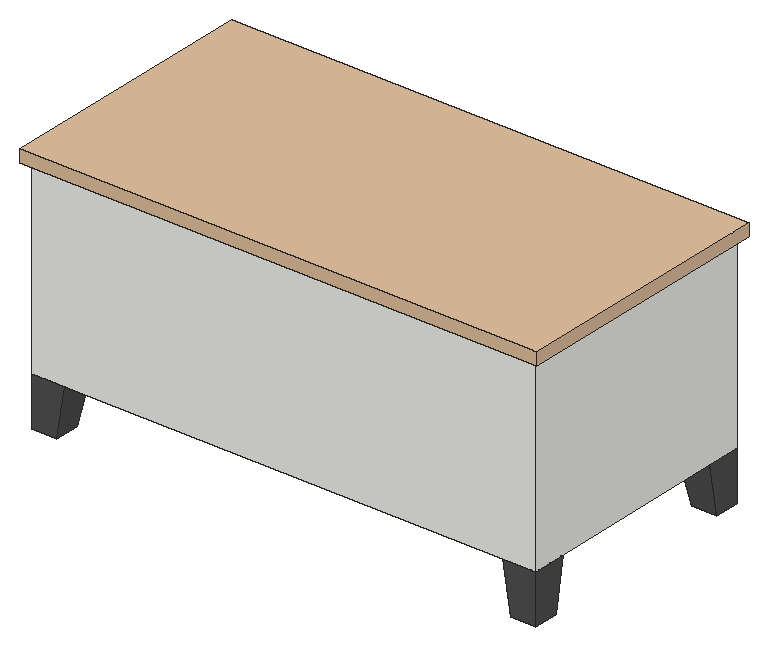
Revit family
Parameters (values of type "1525 x 760mm")
  Depth = 760.00 mm
  Body Material = Laminate - Ivory, Matte
  Handle/Leg Material = Metal - Chrome
  Top Material = Wood - Cherry
  Height = 760.00 mm
  Leg Height = 150.00 mm
  Width = 1525.00 mm
  Assembly Code = ""
Types (3, lengths in mm): name | Depth | Width
  1525 x 760mm | 760.00 | 1525.00
  1830 x 915mm | 915.00 | 1830.00
  1525 x 760mm Student | 760.00 | 1525.00
Reference planes
  plane 1: y = 0
  plane 2: z = 0
  plane 3: x = 0
  plane 4: z = 721.9
  plane 5: z = 150
  plane 6 "Desk Top": z = 760
  plane 7 "Right": x = 1525
  plane 8 "Front": y = 760
  plane 9: x = 762.5
  plane 10: y = 380
  plane 11: y = 772.7
  plane 12: x = 1321.8
  plane 13: x = 203.2
  plane 14: z = 304.8
  plane 15: z = 425.45
  plane 16: z = 546.1
  plane 17: z = 666.75
  plane 18: z = 546.1
  plane 19: z = 666.75
Forms (mm)
  Extrusion 1, solid, material "Laminate - Ivory, Matte" <- "Body Material"
    sketch origin (0, 0, 0) x (1, 0, 0) y (0, 1, 0)
      loop
        line (0, 760) -> (0, 0) -> (1525, 0) -> (1525, 760) -> (1118.6, 760) -> (1118.6, 50.8) -> (406.4, 50.8) -> (406.4, 760) -> (0, 760)
    from 150 to 721.9
  Extrusion 2, solid, material "Wood - Cherry" <- "Top Material"
    sketch origin (0, 0, 0) x (1, 0, 0) y (0, 1, 0)
      loop
        line (-19.05, 779.05) -> (-19.05, -19.05) -> (1544.05, -19.05) -> (1544.05, 779.05) -> (-19.05, 779.05)
    from 721.9 to 760
  Blend 3, solid, material "Metal - Chrome" <- "Handle/Leg Material"
    base sketch origin (0, 0, 0) x (1, 0, 0) y (0, 1, 0)
      loop
        line (0, 760) -> (0, 683.8) -> (76.2, 683.8) -> (76.2, 760) -> (0, 760)
    top sketch origin (0, 0, 0) x (1, 0, 0) y (0, 1, 0)
      loop
        line (0, 760) -> (0, 658.4) -> (101.6, 658.4) -> (101.6, 760) -> (0, 760)
    from 0 to 150
  Blend 4, solid, material "Metal - Chrome" <- "Handle/Leg Material"
    base sketch origin (0, 0, 0) x (1, 0, 0) y (0, 1, 0)
      loop
        line (0, 0) -> (76.2, 0) -> (76.2, 76.2) -> (0, 76.2) -> (0, 0)
    top sketch origin (0, 0, 0) x (1, 0, 0) y (0, 1, 0)
      loop
        line (0, 0) -> (101.6, 0) -> (101.6, 101.6) -> (0, 101.6) -> (0, 0)
    from 0 to 150
  Blend 5, solid, material "Metal - Chrome" <- "Handle/Leg Material"
    base sketch origin (0, 0, 0) x (1, 0, 0) y (0, 1, 0)
      loop
        line (1525, 0) -> (1525, 76.2) -> (1448.8, 76.2) -> (1448.8, 0) -> (1525, 0)
    top sketch origin (0, 0, 0) x (1, 0, 0) y (0, 1, 0)
      loop
        line (1525, 0) -> (1525, 101.6) -> (1423.4, 101.6) -> (1423.4, 0) -> (1525, 0)
    from 0 to 150
  Blend 6, solid, material "Metal - Chrome" <- "Handle/Leg Material"
    base sketch origin (0, 0, 0) x (1, 0, 0) y (0, 1, 0)
      loop
        line (1525, 760) -> (1448.8, 760) -> (1448.8, 683.8) -> (1525, 683.8) -> (1525, 760)
    top sketch origin (0, 0, 0) x (1, 0, 0) y (0, 1, 0)
      loop
        line (1525, 760) -> (1423.4, 760) -> (1423.4, 658.4) -> (1525, 658.4) -> (1525, 760)
    from 0 to 150
  Extrusion 7, solid, material "Laminate - Ivory, Matte" <- "Body Material"
    sketch origin (0, 760, 0) x (1, 0, 0) y (0, 0, 1)
      loop
        line (19.05, 702.85) -> (19.05, 600.85) -> (387.35, 600.85) -> (387.35, 702.85) -> (19.05, 702.85)
      loop
        line (19.05, 169.05) -> (387.35, 169.05) -> (387.35, 340.5) -> (19.05, 340.5) -> (19.05, 169.05)
      loop
        line (387.35, 581.8) -> (19.05, 581.8) -> (19.05, 480.2) -> (387.35, 480.2) -> (387.35, 581.8)
      loop
        line (387.35, 461.15) -> (19.05, 461.15) -> (19.05, 359.55) -> (387.35, 359.55) -> (387.35, 461.15)
    from -12.7 to 0
  Extrusion 8, solid, material "Laminate - Ivory, Matte" <- "Body Material"
    sketch origin (1828.8, 914.4, 0) x (-1, 0, 0) y (0, 0, -1)
      loop
        line (322.85, -702.85) -> (691.15, -702.85) -> (691.15, -601.25) -> (322.85, -601.25) -> (322.85, -702.85)
      loop
        line (322.85, -169.05) -> (322.85, -582.2) -> (691.15, -582.2) -> (691.15, -169.05) -> (322.85, -169.05)
    from 141.7 to 154.4
  Sweep 9, solid, material "Metal - Chrome" <- "Handle/Leg Material"
    path origin (0, 0, 0) x (1, 0, 0) y (0, 1, 0)
      loop
        line (152.4, 772.7) -> (152.4, 798.1) -> (254, 798.1) -> (254, 772.7)
    profile origin (0, 785.4, 0) x (-1, 0, 0) y (0, 0, 1)
      loop
        line (-152.4, 304.8) -> (-158.75, 304.8) -> (-158.75, 292.1) -> (-152.4, 292.1) -> (-152.4, 304.8)
      loop
        line (-152.4, 425.45) -> (-158.75, 425.45) -> (-158.75, 412.75) -> (-152.4, 412.75) -> (-152.4, 425.45)
      loop
        line (-152.4, 546.1) -> (-158.75, 546.1) -> (-158.75, 533.4) -> (-152.4, 533.4) -> (-152.4, 546.1)
      loop
        line (-152.4, 666.75) -> (-158.75, 666.75) -> (-158.75, 654.05) -> (-152.4, 654.05) -> (-152.4, 666.75)
  Sweep 10, solid, material "Metal - Chrome" <- "Handle/Leg Material"
    path origin (0, 0, 0) x (1, 0, 0) y (0, 1, 0)
      loop
        line (1372.6, 772.7) -> (1372.6, 798.1) -> (1271, 798.1) -> (1271, 772.7)
    profile origin (0, 785.4, 0) x (-1, 0, 0) y (0, 0, 1)
      loop
        line (-1372.6, 546.1) -> (-1372.6, 533.4) -> (-1366.25, 533.4) -> (-1366.25, 546.1) -> (-1372.6, 546.1)
      loop
        line (-1372.6, 666.75) -> (-1372.6, 654.05) -> (-1366.25, 654.05) -> (-1366.25, 666.75) -> (-1372.6, 666.75)
Lines and regions (mm)
  Masking region 1
    outline origin (0, 0, 760) x (0, 1, 0) y (-1, 0, 0)
      loop
        line (-19.05, 19.05) -> (-19.05, -1544.05) -> (779.05, -1544.05) -> (779.05, 19.05) -> (-19.05, 19.05)
  symbolic lines
    curve 1: line (0, 0, 0) -> (1525, 0, 0)
    curve 2: line (0, 0, 0) -> (0, 760, 0)
    curve 3: line (0, 760, 0) -> (1525, 760, 0)
    curve 4: line (1525, 0, 0) -> (1525, 760, 0)
Dimensions and locks
  "Width": plane 7 "Right" to plane 3
  "Depth": plane 1 to plane 8 "Front"
  "Height": plane 2 to plane 6 "Desk Top"
  plane 5 to plane 2 = 150.00 mm
  plane 4 to plane 6 "Desk Top" = 38.10 mm
  equal spacing: plane 3, plane 9, plane 7 "Right"
  equal spacing: plane 1, plane 10, plane 8 "Front"
  locked: plane 4 to plane 6 "Desk Top" at 38.1
  plane 3 to Extrusion 1 sketch curve = 406.40 mm
  Extrusion 1 sketch curve to plane 7 "Right" = 406.40 mm
  "Leg Height": plane 5 to plane 2
  Extrusion 1 to Extrusion 7 sketch curve = 19.05 mm
  plane 3 to Extrusion 7 sketch curve = 19.05 mm
  plane 5 to Extrusion 7 sketch curve = 19.05 mm
  Extrusion 7 sketch curve to plane 4 = 19.05 mm
  locked: plane 11 to plane 8 "Front" at 12.7
  plane 17 to Extrusion 7 = 36.10 mm
  plane 16 to Extrusion 7 = 35.70 mm
  plane 15 to Extrusion 7 = 35.70 mm
  plane 14 to Extrusion 7 = 35.70 mm
  plane 19 to Extrusion 8 = 36.10 mm
  plane 18 to Extrusion 8 = 36.10 mm
  plane 12 to plane 7 "Right" = 203.20 mm
  plane 3 to plane 13 = 203.20 mm
  aligned and locked: Extrusion 1 to plane 4
  aligned and locked: plane 4 to Extrusion 2
  aligned and locked: Extrusion 2 to plane 6 "Desk Top"
  aligned and locked: Extrusion 1 sketch curve to curve 1
  aligned and locked: Extrusion 1 sketch curve to plane 3
  aligned and locked: Extrusion 1 sketch curve to plane 1
  aligned and locked: plane 7 "Right" to curve 4
  aligned and locked: plane 5 to Extrusion 1
  aligned and locked: Blend 4 to plane 5
  aligned and locked: Blend 5 to plane 5
  aligned and locked: Blend 3 to plane 5
  aligned and locked: Blend 6 to plane 5
  aligned and locked: plane 11 to Extrusion 7
  aligned and locked: plane 8 "Front" to Extrusion 1 sketch curve
  aligned and locked: Extrusion 1 sketch curve to plane 8 "Front"
  aligned and locked: plane 11 to Extrusion 8
  aligned and locked: Extrusion 8 to Extrusion 1
Automatic sketch dimensions
  Blend 3 sketch curve to plane 8 "Front" = 0.00 mm  (x2)
  plane 3 to Blend 3 sketch curve = 76.20 mm
  plane 8 "Front" to Blend 3 sketch curve = 76.20 mm
  Blend 3 sketch curve to plane 3 = 0.00 mm  (x2)
  plane 3 to Blend 3 sketch curve = 101.60 mm
  plane 8 "Front" to Blend 3 sketch curve = 101.60 mm
  Blend 4 sketch curve to plane 3 = 0.00 mm  (x2)
  Blend 4 sketch curve to Blend 4 sketch curve = 76.20 mm  (x2)
  Blend 4 sketch curve to plane 1 = 0.00 mm  (x2)
  Blend 4 sketch curve to Blend 4 sketch curve = 101.60 mm  (x2)
  Blend 5 sketch curve to plane 7 "Right" = 0.00 mm  (x2)
  Blend 5 sketch curve to Blend 5 sketch curve = 76.20 mm
  Blend 5 sketch curve to plane 1 = 76.20 mm
  Blend 5 sketch curve to Blend 5 sketch curve = 101.60 mm
  Blend 5 sketch curve to plane 1 = 101.60 mm
  Blend 6 sketch curve to plane 7 "Right" = 0.00 mm  (x2)
  Blend 6 sketch curve to Blend 6 sketch curve = 76.20 mm
  plane 8 "Front" to Blend 6 sketch curve = 76.20 mm
  Blend 6 sketch curve to Blend 6 sketch curve = 101.60 mm
  plane 8 "Front" to Blend 6 sketch curve = 101.60 mm
  Blend 5 sketch curve to plane 1 = 0.00 mm  (x2)
  Blend 6 sketch curve to plane 8 "Front" = 0.00 mm  (x2)
  plane 1 to Extrusion 2 sketch curve = 19.05 mm
  Extrusion 2 sketch curve to plane 8 "Front" = 19.05 mm
  plane 7 "Right" to Extrusion 2 sketch curve = 19.05 mm
  Extrusion 2 sketch curve to plane 3 = 19.05 mm
  Extrusion 7 sketch curve to Extrusion 7 sketch curve = 171.45 mm
  Extrusion 7 sketch curve to Extrusion 7 sketch curve = 19.05 mm  (x3)
  Extrusion 7 sketch curve to Extrusion 7 sketch curve = 101.60 mm  (x2)
  plane 3 to Extrusion 7 sketch curve = 19.05 mm  (x3)
  Extrusion 7 sketch curve to Extrusion 7 sketch curve = 0.00 mm  (x3)
  plane 4 to Extrusion 8 sketch curve = 19.05 mm
  Extrusion 8 sketch curve to plane 7 "Right" = 19.05 mm  (x2)
  Extrusion 8 sketch curve to plane 5 = 19.05 mm
  plane 4 to Extrusion 8 sketch curve = 120.65 mm
  Extrusion 8 sketch curve to Extrusion 8 sketch curve = 368.30 mm
  Extrusion 8 sketch curve to Extrusion 8 sketch curve = 0.00 mm
  Extrusion 8 sketch curve to Extrusion 8 sketch curve = 19.05 mm
  Extrusion 1 sketch curve to plane 1 = 50.80 mm
  curve 3 to plane 3 = 0.00 mm
  curve 1 to plane 1 = 0.00 mm
  curve 3 to plane 8 "Front" = 0.00 mm
  Sweep 9 sketch curve to plane 11 = 0.00 mm  (x2)
  Sweep 9 sketch curve to plane 13 = 50.80 mm
  plane 13 to Sweep 9 sketch curve = 50.80 mm
  Sweep 9 sketch curve to Sweep 9 sketch curve = 25.40 mm
  Sweep 9 sketch curve to plane 14 = 0.00 mm
  Sweep 9 sketch curve to plane 17 = 0.00 mm
  Sweep 9 sketch curve to plane 15 = 0.00 mm
  Sweep 9 sketch curve to plane 16 = 0.00 mm
  Sweep 9 sketch curve to profile plane = 0.00 mm  (x4)
  profile plane to Sweep 9 sketch curve = 6.35 mm  (x4)
  plane 14 to Sweep 9 sketch curve = 12.70 mm
  plane 15 to Sweep 9 sketch curve = 12.70 mm
  plane 16 to Sweep 9 sketch curve = 12.70 mm
  plane 17 to Sweep 9 sketch curve = 12.70 mm
  Sweep 10 sketch curve to plane 11 = 0.00 mm  (x2)
  plane 11 to Sweep 10 sketch curve = 25.40 mm
  plane 12 to Sweep 10 sketch curve = 50.80 mm
  Sweep 10 sketch curve to Sweep 10 sketch curve = 101.60 mm
  Sweep 10 sketch curve to profile plane = 0.00 mm  (x2)
  Sweep 10 sketch curve to plane 19 = 0.00 mm
  Sweep 10 sketch curve to plane 18 = 0.00 mm
  Sweep 10 sketch curve to profile plane = 6.35 mm  (x2)
  plane 18 to Sweep 10 sketch curve = 12.70 mm
  Sweep 10 sketch curve to Sweep 10 sketch curve = 12.70 mm
  plane 1 to Masking region 1 sketch curve = 19.05 mm
  plane 11 to Masking region 1 sketch curve = 6.35 mm
  plane 7 "Right" to Masking region 1 sketch curve = 19.05 mm
  Masking region 1 sketch curve to plane 3 = 19.05 mm
